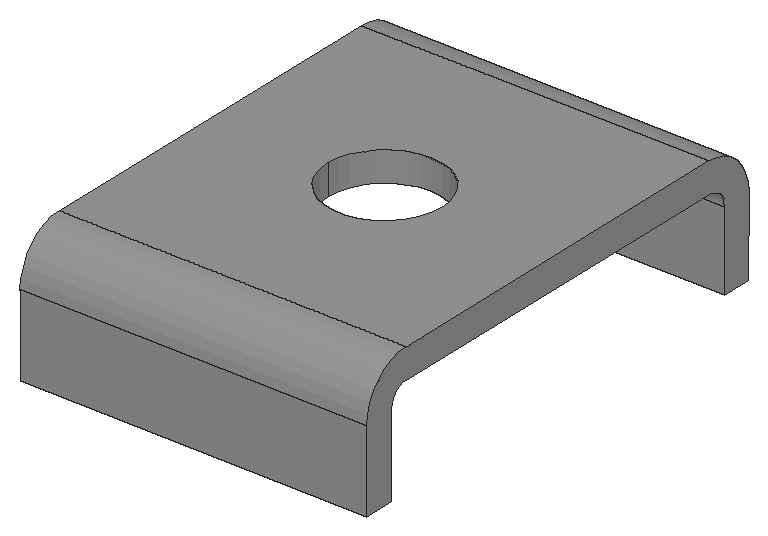
Revit family "Unterlegplatte_PLF_41_8_10_12_ FT_FTK", category Generic Models, Revit 2017
Family settings
  Can host rebar = No
  Round Connector Dimension = Use Diameter
  Part Type = Normal
  Work Plane-Based = No
  Always vertical = Yes
  Cut with Voids When Loaded = No
  Shared = No
  Room Calculation Point = No
Parameters (values of type "WBDHE 41 FTK")
  URL = "http:/www.obo-bettermann.com"
  Material = Steel
  Manufacturer Art.No. = "1123192"
  Manufacturer = "OBO Bettermann"
  GTIN = "4012196116867"
  Diameter = 11.5 mm
  Article Type = "WBDHE 41 FTK"
Types (5, lengths in mm): name | Material | Manufacturer Art.No. | GTIN | Diameter | Article Type
  (no name) | Steel | "1123192" | "4012196116867" | 11.5 | "WBDHE 41 FTK"
  PLF 41 8 FT | Hot-dip galvanised | "7207052" | "4012196675289" | 9 | "PLF 41 8 FT"
  PLF 41 10 FT | Hot-dip galvanised | "7207054" | "4012196675296" | 11.5 | "PLF 41 10 FT"
  PLF 41 12 FT | Hot-dip galvanised | "7207056" | "4012196675302" | 13 | "PLF 41 12 FT"
  WBDHE 41 FTK | Steel | "1123192" | "4012196116867" | 11.5 | "WBDHE 41 FTK"
Reference planes
  plane 1 "Center (Front/Back)": y = 0
  plane 2: z = 0
  plane 3 "Center (Left/Right)": x = 0
  plane 4: x = 35
Forms (mm)
  Extrusion 1, solid, material "Steel" <- "Material"
    sketch origin (0, 0, 0) x (0, 1, 0) y (0, 0, 1)
      loop
        arc (-19.137, 0) -> (-22.673, -1.464) -> (-24.137, -5) r 5
        line (-24.137, -5) -> (-24.137, -13.182) -> (-21.137, -13.182) -> (-21.137, -5.182)
        arc (-21.137, -5.182) -> (-20.623, -3.652) -> (-19.146, -3) r 2
        line (-19.146, -3) -> (19.005, -3)
        arc (19.005, -3) -> (20.419, -3.586) -> (21.005, -5) r 2
        line (21.005, -5) -> (21.005, -13) -> (24, -13) -> (24, -5)
        arc (24, -5) -> (22.536, -1.464) -> (19, 0) r 5
        line (19, 0) -> (-19.137, 0)
    from 0 to 35
  Extrusion 2, void
    sketch origin (0, 0, 0) x (1, 0, 0) y (0, 1, 0)
      loop
        circle (17.5, 0) r 5.75
    from -3 to 0
Cuts and joins
  Extrusion 2 cuts Extrusion 1
Dimensions and locks
  Extrusion 1 sketch curve to plane 1 "Center (Front/Back)" = 19.137 mm
  plane 1 "Center (Front/Back)" to Extrusion 1 sketch curve = 19 mm
  level to Extrusion 1 sketch curve = 13 mm
  locked: plane 1 "Center (Front/Back)" to Extrusion 1 sketch curve at 24
  locked: Extrusion 1 sketch curve to Extrusion 1 sketch curve at 8  (x3)
  locked: level to Extrusion 1 sketch curve at 13
  locked: Extrusion 1 sketch curve to Extrusion 1 sketch curve at 3
  locked: plane 3 "Center (Left/Right)" to plane 4 at 35
  locked: Extrusion 2 sketch curve to Extrusion 1 at 17.5
  locked: cut or joined group of Extrusion 1, Extrusion 2 to cut or joined group of Extrusion 1, Extrusion 2 at 48.137
  locked: level to cut or joined group of Extrusion 1, Extrusion 2 at 13.182
  radius of Extrusion 1 sketch curve = 2 mm  (x2)
  "Diameter": diameter of Extrusion 2 sketch curve
  aligned and locked: plane 2 to level
  aligned and locked: plane 4 to Extrusion 1
  aligned and locked: Extrusion 1 to plane 3 "Center (Left/Right)"
  aligned and locked: Extrusion 1 to Extrusion 2
  aligned and locked: level to Extrusion 2
  aligned and locked: Extrusion 1 sketch curve to level
Automatic sketch dimensions
  plane 1 "Center (Front/Back)" to Extrusion 2 sketch curve = 0 mm
  Extrusion 1 sketch curve to Extrusion 1 sketch curve = 0.008 mm
  Extrusion 1 sketch curve to Extrusion 1 sketch curve = 1.992 mm
  Extrusion 1 sketch curve to Extrusion 1 sketch curve = 3 mm
  Extrusion 1 sketch curve to Extrusion 1 sketch curve = 0.005 mm
